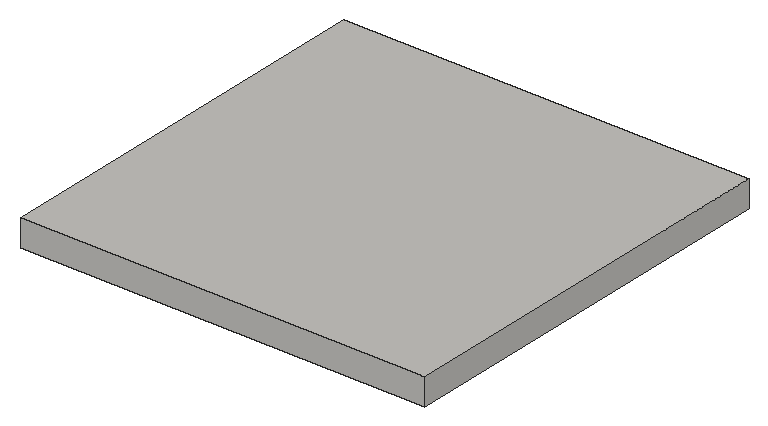
Revit family "CVC_Socle-10cm_1500x1500", category Equipement de génie climatique, Revit 2026
Family settings
  Cote de connecteur circulaire = Utiliser le diamètre
  Type d'élément = Normal
  Basée sur le plan de construction = Non
  Toujours verticalement = Oui
  Couper avec des vides une fois chargée = Non
  Conserver l'orientation des annotations = Non
  Partagée = Non
  Repère de localisation dans la pièce = Non
Parameters (values of type "Socle 1500 x 1500 x 100")
  Source = "CCTP lot 12 § 1.8.2 (gros œuvre), § 3.14.1 (socles et supports)"
  Modèle = "Socle béton 10 cm"
  Fabricant = "Massif : lot Gros œuvre"
  Elévation par défaut = 0 mm
  Description = "Socle béton sous ballon 2 000 L"
  Caractéristiques CCTP = "Socles à la charge du lot gros œuvre (chaudières, ballons ECS, CTA…) ; 1 massif distinct par appareil ; appareils à moteur sur plots ou matelas résilient"
  A vérifier = "Dimensions du socle à caler sur la fiche fabricant de l’appareil"
Reference planes
  plane 1 "Centre (avant/arrière)": y = 0
  plane 2: z = 0
  plane 3 "Centre (gauche/droite)": x = 0
Forms (mm)
  Extrusion 1, solid, material "EHPAD_beton"
    sketch origin (0, 0, 0) x (1, 0, 0) y (0, 1, 0)
      loop
        line (-750, -750) -> (750, -750) -> (750, 750) -> (-750, 750) -> (-750, -750)
    from 0 to 100
Dimensions and locks
  aligned and locked: level to plane 2
